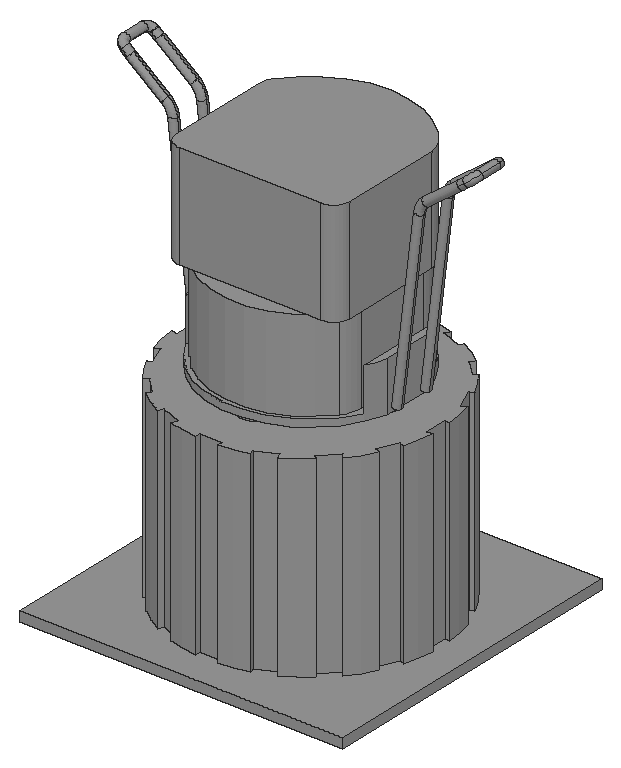
Revit family "Alcon-14142-S-DIR-Revit-Family", category Lighting Fixtures, host Ceiling, Revit 2021
Family settings
  Host = Ceiling
  Round Connector Dimension = Use Diameter
  Part Type = Normal
  Always vertical = Yes
  Cut with Voids When Loaded = No
  Light Source = Yes
  Shared = No
  Room Calculation Point = No
Parameters
  Wattage = 9.2903 W
  built-in parameter 1150110 = 1 (stored number, unit not read)
  Trim = Trim
  built-in parameter 1114217 = 1 (stored number, unit not read)
  Tilt Angle = 60.00°
  built-in parameter 1150109 = 1 (stored number, unit not read)
  built-in parameter 1150134 = 3
  built-in parameter 1150113 = 1 (stored number, unit not read)
  built-in parameter 1010507 = 1.5708 (stored number, unit not read)
  built-in parameter 1010506 = 0.5236 (stored number, unit not read)
  Reflector = Metal
  Product Identity = "Alcon Light 14142-S-DIR"
  Metal = Metal
  Manufacturer = "Alcon Light"
  built-in parameter 1150105 = 4614.1 (stored number, unit not read)
  Lumens = 1380 lm
  built-in parameter 1150115 = 1 (stored number, unit not read)
  Link To Product Page = "https://www.alconlighting.com/14142-recessed-1-inch-led-square.html"
  Light Source Symbol Length = 10' - 0"
  Light Source = Light
  built-in parameter 1150137 = (empty or 0)
  built-in parameter 1150139 = (empty or 0)
  built-in parameter 1150112 = 1 (stored number, unit not read)
  built-in parameter 1150114 = 1 (stored number, unit not read)
  built-in parameter 1150132 = (empty or 0)
  built-in parameter 1150102 = (empty or 0)
  built-in parameter 1150107 = 3200 (stored number, unit not read)
  built-in parameter 1150138 = (empty or 0)
  built-in parameter 1150106 = 46.141 (stored number, unit not read)
  Housing = Default
  built-in parameter 1150104 = 13.8 (stored number, unit not read)
  Dimming Lamp Color Temperature Shift = (empty or 0)
  Default Elevation = 0' - 0"
  Color Filter = 16777215
  built-in parameter 1114218 = 1 (stored number, unit not read)
  built-in parameter 1150133 = 10 (stored number, unit not read)
Reference planes (in)
  plane 1 "Center (Front/Back)": y = 0
  plane 2 "Ceiling": z = 96
  plane 3 "Center (Left/Right)": x = 0
Forms (in)
  Extrusion 1, solid, material "Default" <- "Housing"
    sketch origin (0, 0, 96) x (1, 0, 0) y (0, 1, 0)
      loop
        arc (-0.69586, 0.58846) -> (-0.75774, 0.50631) -> (-0.80996, 0.4177) r 0.91132
        line (-0.80996, 0.4177) -> (-0.77475, 0.40311)
        arc (-0.77475, 0.40311) -> (-0.80687, 0.33422) -> (-0.83288, 0.26279) r 0.87335
        line (-0.83288, 0.26279) -> (-0.86809, 0.27737)
        arc (-0.86809, 0.27737) -> (-0.89381, 0.17779) -> (-0.90816, 0.07594) r 0.91132
        line (-0.90816, 0.07594) -> (-0.87004, 0.07594)
        arc (-0.87004, 0.07594) -> (-0.87335, 0) -> (-0.87004, -0.07594) r 0.87335
        line (-0.87004, -0.07594) -> (-0.90816, -0.07594)
        arc (-0.90816, -0.07594) -> (-0.89381, -0.17779) -> (-0.86809, -0.27737) r 0.91132
        line (-0.86809, -0.27737) -> (-0.83288, -0.26279)
        arc (-0.83288, -0.26279) -> (-0.80687, -0.33422) -> (-0.77475, -0.40311) r 0.87335
        line (-0.77475, -0.40311) -> (-0.80996, -0.4177)
        arc (-0.80996, -0.4177) -> (-0.75774, -0.50631) -> (-0.69586, -0.58846) r 0.91132
        line (-0.69586, -0.58846) -> (-0.66892, -0.56151)
        arc (-0.66892, -0.56151) -> (-0.61755, -0.61755) -> (-0.56151, -0.66892) r 0.87335
        line (-0.56151, -0.66892) -> (-0.58846, -0.69586)
        arc (-0.58846, -0.69586) -> (-0.50631, -0.75774) -> (-0.4177, -0.80996) r 0.91132
        line (-0.4177, -0.80996) -> (-0.40311, -0.77475)
        arc (-0.40311, -0.77475) -> (-0.33422, -0.80687) -> (-0.26279, -0.83288) r 0.87335
        line (-0.26279, -0.83288) -> (-0.27737, -0.86809)
        arc (-0.27737, -0.86809) -> (-0.17779, -0.89381) -> (-0.07594, -0.90816) r 0.91132
        line (-0.07594, -0.90816) -> (-0.07594, -0.87004)
        arc (-0.07594, -0.87004) -> (0, -0.87335) -> (0.07594, -0.87004) r 0.87335
        line (0.07594, -0.87004) -> (0.07594, -0.90816)
        arc (0.07594, -0.90816) -> (0.17779, -0.89381) -> (0.27737, -0.86809) r 0.91132
        line (0.27737, -0.86809) -> (0.26279, -0.83288)
        arc (0.26279, -0.83288) -> (0.33422, -0.80687) -> (0.40311, -0.77475) r 0.87335
        line (0.40311, -0.77475) -> (0.4177, -0.80996)
        arc (0.4177, -0.80996) -> (0.50631, -0.75774) -> (0.58846, -0.69586) r 0.91132
        line (0.58846, -0.69586) -> (0.56151, -0.66892)
        arc (0.56151, -0.66892) -> (0.61755, -0.61755) -> (0.66892, -0.56151) r 0.87335
        line (0.66892, -0.56151) -> (0.69586, -0.58846)
        arc (0.69586, -0.58846) -> (0.75774, -0.50631) -> (0.80996, -0.4177) r 0.91132
        line (0.80996, -0.4177) -> (0.77475, -0.40311)
        arc (0.77475, -0.40311) -> (0.80687, -0.33422) -> (0.83288, -0.26279) r 0.87335
        line (0.83288, -0.26279) -> (0.86809, -0.27737)
        arc (0.86809, -0.27737) -> (0.89381, -0.17779) -> (0.90816, -0.07594) r 0.91132
        line (0.90816, -0.07594) -> (0.87004, -0.07594)
        arc (0.87004, -0.07594) -> (0.87335, 0) -> (0.87004, 0.07594) r 0.87335
        line (0.87004, 0.07594) -> (0.90816, 0.07594)
        arc (0.90816, 0.07594) -> (0.89381, 0.17779) -> (0.86809, 0.27737) r 0.91132
        line (0.86809, 0.27737) -> (0.83288, 0.26279)
        arc (0.83288, 0.26279) -> (0.80687, 0.33422) -> (0.77475, 0.40311) r 0.87335
        line (0.77475, 0.40311) -> (0.80996, 0.4177)
        arc (0.80996, 0.4177) -> (0.75774, 0.50631) -> (0.69586, 0.58846) r 0.91132
        line (0.69586, 0.58846) -> (0.66892, 0.56151)
        arc (0.66892, 0.56151) -> (0.61755, 0.61755) -> (0.56151, 0.66892) r 0.87335
        line (0.56151, 0.66892) -> (0.58846, 0.69586)
        arc (0.58846, 0.69586) -> (0.50631, 0.75774) -> (0.4177, 0.80996) r 0.91132
        line (0.4177, 0.80996) -> (0.40311, 0.77475)
        arc (0.40311, 0.77475) -> (0.33422, 0.80687) -> (0.26279, 0.83288) r 0.87335
        line (0.26279, 0.83288) -> (0.27737, 0.86809)
        arc (0.27737, 0.86809) -> (0.17779, 0.89381) -> (0.07594, 0.90816) r 0.91132
        line (0.07594, 0.90816) -> (0.07594, 0.87004)
        arc (0.07594, 0.87004) -> (0, 0.87335) -> (-0.07594, 0.87004) r 0.87335
        line (-0.07594, 0.87004) -> (-0.07594, 0.90816)
        arc (-0.07594, 0.90816) -> (-0.17779, 0.89381) -> (-0.27737, 0.86809) r 0.91132
        line (-0.27737, 0.86809) -> (-0.26279, 0.83288)
        arc (-0.26279, 0.83288) -> (-0.33422, 0.80687) -> (-0.40311, 0.77475) r 0.87335
        line (-0.40311, 0.77475) -> (-0.4177, 0.80996)
        arc (-0.4177, 0.80996) -> (-0.50631, 0.75774) -> (-0.58846, 0.69586) r 0.91132
        line (-0.58846, 0.69586) -> (-0.56151, 0.66892)
        arc (-0.56151, 0.66892) -> (-0.61755, 0.61755) -> (-0.66892, 0.56151) r 0.87335
        line (-0.66892, 0.56151) -> (-0.69586, 0.58846)
    from 0.02948 to 1.38877
  Extrusion 2, solid, material "Metal" <- "Metal"
    sketch origin (0, 0, 96) x (1, 0, 0) y (0, 1, 0)
      loop
        circle (0.48438, 0) r 0.10858
      loop
        circle (-0.48438, 0) r 0.10858
      loop
        circle (0, 0.48437) r 0.10858
      loop
        circle (0, -0.48438) r 0.10858
    from 1.38877 to 1.46492
  Extrusion 3, solid, material "Metal" <- "Metal"
    sketch origin (0, 0, 96) x (1, 0, 0) y (0, 1, 0)
      loop
        arc (0.67043, 0.17262) -> (0, 0.69229) -> (-0.67043, 0.17262) r 0.69229
        line (-0.67043, 0.17262) -> (-0.67043, -0.17262)
        arc (-0.67043, -0.17262) -> (0, -0.69229) -> (0.67043, -0.17262) r 0.69229
        line (0.67043, -0.17262) -> (0.67043, 0.17262)
    from 1.46492 to 1.81389
  Extrusion 4, void
    sketch origin (0, 0, 0) x (1, 0, 0) y (0, 0, 1)
      loop
        line (-0.61719, 97.81389) -> (-0.61719, 97.51537) -> (0.61719, 97.51537) -> (0.61719, 97.81389) -> (-0.61719, 97.81389)
    from -0.74739 to 0.74739
  Extrusion 5, solid, material "Default" <- "Housing"
    sketch origin (0, 0, 96) x (1, 0, 0) y (0, 1, 0)
      loop
        arc (-0.52544, -0.40111) -> (0, -0.66104) -> (0.52544, -0.40111) r 0.66104
        arc (0.52544, -0.40111) -> (0.55879, -0.33844) -> (0.57031, -0.26838) r 0.21875
        line (0.57031, -0.26838) -> (0.57031, 0.26838)
        arc (0.57031, 0.26838) -> (0.55879, 0.33844) -> (0.52544, 0.40111) r 0.21875
        arc (0.52544, 0.40111) -> (-0.00038, 0.66104) -> (-0.5259, 0.4005) r 0.66104
        arc (-0.5259, 0.4005) -> (-0.55891, 0.33834) -> (-0.57031, 0.26889) r 0.21723
        line (-0.57031, 0.26889) -> (-0.57031, -0.26838)
        arc (-0.57031, -0.26838) -> (-0.55879, -0.33844) -> (-0.52544, -0.40111) r 0.21875
    from 1.51537 to 2.1464
  Extrusion 6, solid, material "Default" <- "Housing"
    sketch origin (0, 0, 100.2928) x (0, -1, 0) y (1, 0, 0)
      loop
        arc (-0.3841, 0.57596) -> (-0.69229, -0.0003) -> (-0.3836, -0.5763) r 0.69229
        arc (-0.3836, -0.5763) -> (-0.34369, -0.59511) -> (-0.30005, -0.60156) r 0.15078
        line (-0.30005, -0.60156) -> (0.41575, -0.60156)
        arc (0.41575, -0.60156) -> (0.49309, -0.56953) -> (0.52512, -0.49219) r 0.10938
        line (0.52512, -0.49219) -> (0.52512, 0.49096)
        arc (0.52512, 0.49096) -> (0.49273, 0.56917) -> (0.41452, 0.60156) r 0.1106
        line (0.41452, 0.60156) -> (-0.29958, 0.60156)
        arc (-0.29958, 0.60156) -> (-0.34374, 0.59502) -> (-0.3841, 0.57596) r 0.15234
    from -2.1464 to -1.4178
  Sweep 7, solid, material "Metal" <- "Metal"
    path origin (0, 0, 0.14063) x (1, 0, 0) y (0, 0, 1)
      loop
        line (0.70144, 97.36537) -> (0.85672, 98.63)
        arc (0.85672, 98.63) -> (0.87262, 98.67823) -> (0.90577, 98.71671) r 0.13015
        line (0.90577, 98.71671) -> (1.14942, 98.90706)
    profile origin (0.77908, 0, 98.13831) x (-0.992546, 0, 0.121869) y (0, -1, 0)
      loop
        circle (0, 0.125) r 0.02995
  Sweep 8, solid, material "Metal" <- "Metal"
    path origin (0, 0, 0.14063) x (1, 0, 0) y (0, 0, -1)
      loop
        line (0.70144, -97.36537) -> (0.85672, -98.63)
        arc (0.85672, -98.63) -> (0.87262, -98.67823) -> (0.90577, -98.71671) r 0.13015
        line (0.90577, -98.71671) -> (1.14942, -98.90706)
    profile origin (0.77908, 0, 98.13831) x (0.992546, 0, -0.121869) y (0, 1, 0)
      loop
        circle (0, 0.125) r 0.02995
  Sweep 9, solid, material "Metal" <- "Metal"
    path origin (0.22913, 0, 98.32868) x (0.788011, 0, 0.615661) y (0, 1, 0)
      loop
        line (1.16786, 0.125) -> (1.21887, 0.125)
        arc (1.21887, 0.125) -> (1.25312, 0.11081) -> (1.2673, 0.07657) r 0.04843
        line (1.2673, 0.07657) -> (1.2673, -0.07868)
        arc (1.2673, -0.07868) -> (1.25374, -0.11143) -> (1.22098, -0.125) r 0.04632
        line (1.22098, -0.125) -> (1.16786, -0.125)
    profile origin (1.22778, -0.00105, 99.10891) x (0.788011, 0, 0.615661) y (-0.615661, 0, 0.788011)
      loop
        circle (0, 0) r 0.02995
  Sweep 10, solid, material "Metal" <- "Metal"
    path origin (0, 0, 0.14063) x (-1, 0, 0) y (0, 0, -1)
      loop
        line (0.70144, -97.36537) -> (0.85672, -98.63)
        arc (0.85672, -98.63) -> (0.87262, -98.67823) -> (0.90577, -98.71671) r 0.13015
        line (0.90577, -98.71671) -> (1.14942, -98.90706)
    profile origin (-0.77908, 0, 98.13831) x (-0.992546, 0, -0.121869) y (0, -1, 0)
      loop
        circle (0, 0.125) r 0.02995
  Sweep 11, solid, material "Metal" <- "Metal"
    path origin (0, 0, 0.14063) x (-1, 0, 0) y (0, 0, 1)
      loop
        line (0.70144, 97.36537) -> (0.85672, 98.63)
        arc (0.85672, 98.63) -> (0.87262, 98.67823) -> (0.90577, 98.71671) r 0.13015
        line (0.90577, 98.71671) -> (1.14942, 98.90706)
    profile origin (-0.77908, 0, 98.13831) x (0.992546, 0, 0.121869) y (0, 1, 0)
      loop
        circle (0, 0.125) r 0.02995
  Sweep 12, solid, material "Metal" <- "Metal"
    path origin (-0.22913, 0, 98.32868) x (-0.788011, 0, 0.615661) y (0, -1, 0)
      loop
        line (1.16786, -0.125) -> (1.21887, -0.125)
        arc (1.21887, -0.125) -> (1.25312, -0.11081) -> (1.2673, -0.07657) r 0.04843
        line (1.2673, -0.07657) -> (1.2673, 0.07868)
        arc (1.2673, 0.07868) -> (1.25374, 0.11143) -> (1.22098, 0.125) r 0.04632
        line (1.22098, 0.125) -> (1.16786, 0.125)
    profile origin (-1.22778, -0.00105, 99.10891) x (0.788011, 0, -0.615661) y (0.615661, 0, 0.788011)
      loop
        circle (0, 0) r 0.02995
  Extrusion 13, solid, material "Light" <- "Light Source"
    sketch origin (0, 0, 96.27948) x (1, 0, 0) y (0, -1, 0)
      loop
        circle (0, 0) r 0.39453
    from 0 to 0.07113
  Sweep 14, solid, material "Trim" <- "Trim"
    path origin (0, 0, 96) x (1, 0, 0) y (0, 1, 0)
      loop
        line (-0.46875, 0.47071) -> (-0.46875, -0.46679) -> (0.46875, -0.46679) -> (0.46875, 0.47071) -> (-0.46875, 0.47071)
    profile origin (-0.46875, 0.00196, 96) x (1, 0, 0) y (0, 0, 1)
      loop
        line (0, 0.02948) -> (0.03125, 0.20836) -> (0.03125, 0.27948) -> (-0.01055, 0.27948) -> (-0.05423, 0.02948) -> (0, 0.02948)
  Extrusion 15, void
    sketch origin (0, 0, 96) x (1, 0, 0) y (0, 1, 0)
      loop
        line (-0.52298, 0.52494) -> (-0.52298, -0.52102) -> (0.52298, -0.52102) -> (0.52298, 0.52494) -> (-0.52298, 0.52494)
    from 0.02948 to 0.75
  Extrusion 16, void
    sketch origin (0, 0, 96) x (1, 0, 0) y (0, 1, 0)
      loop
        line (-1.125, 1.125) -> (-1.125, -1.125) -> (1.125, -1.125) -> (1.125, 1.125) -> (-1.125, 1.125)
    from -0.12662 to 1.46492
  Extrusion 17, solid, material "Default" <- "Housing"
    sketch origin (0, 0, 96.20836) x (0, 1, 0) y (1, 0, 0)
      loop
        line (0.43946, 0.4375) -> (-0.43554, 0.4375) -> (-0.43554, -0.4375) -> (0.43946, -0.4375) -> (0.43946, 0.4375)
      loop
        circle (0, 0) r 0.39453
    from -0.07113 to 0
  Sweep 18, solid, material "Default" <- "Housing"
    path origin (0, 0, 96) x (1, 0, 0) y (0, 1, 0)
      loop
        line (-1.125, -1.125) -> (1.125, -1.125) -> (1.125, 1.125) -> (-1.125, 1.125) -> (-1.125, -1.125)
    profile origin (-1.125, 0, 96) x (-1, 0, 0) y (0, 0, 1)
      loop
        line (-0.65625, -0.03728) -> (-0.55552, -0.06427) -> (0, -0.03728) -> (0, 0.02948) -> (-0.65625, 0.02948) -> (-0.65625, -0.03728)
Cuts and joins
  Extrusion 4 cuts Extrusion 3
  joined: Sweep 7, Sweep 8, Sweep 9
  joined: Sweep 10, Sweep 11, Sweep 12
  Extrusion 15 cuts Extrusion 1
Lines and regions (in)
  symbolic lines
    curve 1: circle (0, 0, 96) r 1.125 normal (0, 0, 1)
Dimensions and locks (in)
  equal spacing: host sketch curve, plane 3 "Center (Left/Right)", host sketch curve
  equal spacing: host sketch curve, plane 1 "Center (Front/Back)", host sketch curve
  host sketch curve to host sketch curve = 10' - 0"  (x2)
  Extrusion 6 to plane 2 "Ceiling" = 0' - 2 7/8"
